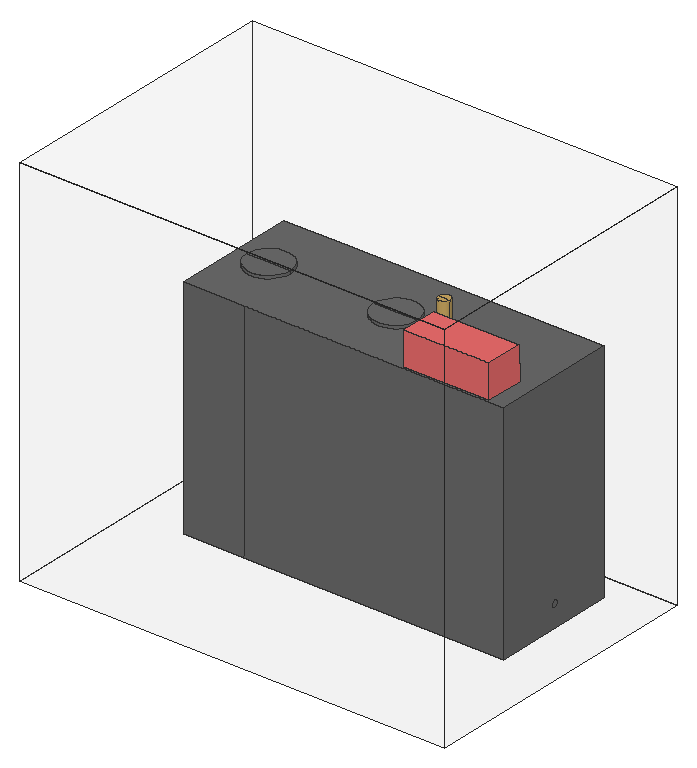
Revit family "Remeha_Gas310EcoPro-430_LOD-3", category Mechanical Equipment, host Face, Revit 2015
Parameters (values of type "Gas 310 Eco Pro - 430")
  Weekly = "0"
  Water Treatment Required = yes
  Water Content = 71.0 L
  Warranty ID = ""
  Voltage = 230 V
  Uniclass2015 = ""
  URL = ""
  Type = "Space heating"
  Turndown Ratio = "4.9:1"
  Supply Phase = 1
  Starting Current = 0 A
  Sound Pressure Level = "56 dBA"
  Shipping Weight = 493.00 kg
  Shape = "Rectangular (Horizontal)"
  Safety Valve Connection Type = "Threaded"
  Safety Valve Connection Size = 40.000 mm
  Responsible Sourcing of Materials = "0"
  Responsible Extraction of Materials = "0"
  Reference Standard = "2009/142 EEC : 92/42/EEC"
  Rated Output = 395000 W
  Rated Criteria = "80/60"
  Quarterly = "0"
  Product Range = "Gas 310 Eco Pro - 430"
  Product Model Number = "90753"
  Product Literature = "https://www.remeha.co.uk/en/Products/Floor-Standing-Range/Gas-310-610-Eco-Pro"
  Primary Fuel = "Gas - NG"
  Overall Width = 716.000 mm
  Overall Length = 1862.000 mm
  Overall Height = 1500.000 mm
  Optional Fuel = "No Optional Fuel"
  Operation and Maintenance Manual = "https://www.remeha.co.uk/en/Products/Floor-Standing-Range/Gas-310-610-Eco-Pro"
  Oil Consumption rate = 0
  Nominal Oil Inlet Pressure = 0.00 bar
  Nominal Gas Inlet Pressure = 0.02 bar
  NOx Emissions = "32 mg/kWh"
  Mounting = "Floor Standing"
  Monthly = "0"
  Model = "Gas 310 Eco Pro - 430"
  Minimum Power Consumption = 6 W
  Minimum Operating Pressure = 0.80 bar
  Minimum Oil Inlet Pressure = 0.00 bar
  Minimum Gas Inlet Pressure = 0.017 bar
  Minimum Flow Rate at 20C temperature differential = 4.72 L/s
  Minimum Flow Rate at 11C temperature differential = 8.59 L/s
  Maximum Power Consumption = 426 W
  Maximum Operating Pressure = 7.00 bar
  Maximum Oil Inlet Pressure = 0.00 bar
  Maximum Gas Inlet Pressure = 0.10 bar
  Material Ingredient Reporting = "0"
  Manufacturer Website = "http://www.remeha.co.uk/"
  Manufacturer = "Remeha Commercial "  # constant formula
  Maintenance Required 8001 to 12000hrs = "0"
  Maintenance Required 601 to 1000hrs = "0"
  Maintenance Required 4001 to 8000hrs = "0"
  Maintenance Required 301 to 600hrs = "0"
  Maintenance Required 2001 to 4000hrs = "0"
  Maintenance Required 1001 to 2000hrs = "0"
  Maintenance Required 0 to 300hrs = "0"
  Location of Manufacturer = "0"
  Life Cycle Analysis = "0"
  Interlocks = yes
  IfcExportType = "NOTDEFINED"  # constant formula
  IfcExportAs = "IfcBoilerType"  # constant formula
  IP Rating = "X1B"
  IK Rating = "0"
  Hydraulic Resistance at 20C temperature differential = 0.12 bar
  Hydraulic Resistance at 11C temperature differential = 0.397 bar
  Heater Operation = "Condensing"
  Heat Exchanger Material = "Aluminium"
  Gross Weight = 504.00 kg
  Green Guide for Specification = "0"
  Gas Consumption rate = "42.5 m3/h"
  Fuse Rating = 10 A
  Full Load Current = 0 A
  Fuel Connection Type = "Threaded"
  Fuel Connection Size = 50.000 mm
  Frequency = 50 Hz
  Flue or Air Intake Classification = "B23, B23P, C33, C53, C63, C83, C93"
  Flue Connection size = 250.000 mm
  Flow and Return Connection Type = "Flanged"
  Flow and Return Connection Size = 80.000 mm
  Finish = "Gloss Grade 70% ISO2813"
  Features = "Remeha's Gas 310 ECO PRO range are compact high efficiency floor standing gas condensing boilers. Ideally suited for single and multiple cascade arrangements for new and refurbishment projects."
  External Material = "Steel"
  Expected Life = "15"
  ErP Seasonal Efficiency = "0 %"
  ErP Rated Efficiency at Part Load = "98.5 %"
  ErP Rated Efficiency at Full Load = "88.4 %"
  ErP Energy Label = "0"
  Environmental Product Declaration = "0"
  Energy Technology List = "https://etl.beis.gov.uk/engetl/fox/live/ETL_PUBLIC_PRODUCT_SEARCH/product?PROD_ID=71167"
  Embodied Carbon = "0"
  Drain Connection Type = "Other"
  Drain Connection Size = 20.000 mm
  Description = ""
  Default Elevation = 0.000 mm  # constant formula
  Daily = "0"
  Control Type = "0 - 10V, Open Therm, Volt free enable, Direct boiler weather compensating control systems available from Remeha as optional extra's."
  Configuration = "Single boiler"
  Condensate Drain Type = "Threaded"
  Condensate Drain Size = 32.000 mm
  Colour = "RAL 2002 Red : RAL 7016 Dark Grey"
  Clearance Box Visibility [instance] = yes
  Classification.Uniclass.Pr.Number [instance] = "Pr_60_60_08_34"
  Classification.Uniclass.Pr.Description [instance] = "Gas fired Condensing Boilers"
  CE Mark = "0063CL3613"
  Burner Control Type = "Modulating"
  Building Regulations Seasonal Efficiency = "96.58 %"
  Bespoke Timeframe = "0"
  BMS Links = yes
  Assembly Code = ""
  Annually = "As Per Attached URL O&M Manual"
  Air Inlet Connection Size = 250.000 mm
  Additional Technical Details = "https://www.remeha.co.uk/en/Products/Floor-Standing-Range/Gas-310-610-Eco-Pro"
  Access Clearance Top = 650.000 mm
  Access Clearance Right = 150.000 mm
  Access Clearance Rear = 300.000 mm
  Access Clearance Left = 800.000 mm
  Access Clearance Front = 800.000 mm
  Access Clearance Bottom = 0.000 mm
  6 Monthly = "0"
Reference planes
  plane 1 "Center (Front/Back)": y = 0
  plane 2: z = 0
  plane 3 "Center (Left/Right)": x = 0
  plane 4: x = -916.5
  plane 5: x = 916.5
  plane 6: y = 358
  plane 7: y = -358
  plane 8: z = 1500
  plane 9: x = -1216.5
  plane 10: x = 1216.5
  plane 11: y = 508
  plane 12: y = -1158
  plane 13: z = 2150
Forms (mm)
  Sweep 1, solid, material "Glass - Clear - Amber", visible <- "Clearance Box Visibility"
    path origin (0, 0, 0) x (1, 0, 0) y (0, 0, 1)
      loop
        line (0, 2150) -> (0, 0)
    profile origin (0, 0, 1075) x (0, -1, 0) y (1, 0, 0)
      loop
        line (-508, -1216.5) -> (1158, -1216.5) -> (1158, 1216.5) -> (-508, 1216.5) -> (-508, -1216.5)
Dimensions and locks
  equal spacing: plane 4, plane 3 "Center (Left/Right)", plane 5
  plane 4 to plane 5 = 1833.000 mm
  equal spacing: plane 7, plane 1 "Center (Front/Back)", plane 6
  plane 7 to plane 6 = 716.000 mm
  plane 8 to level = 1500.000 mm
  plane 9 to plane 4 = 300.000 mm
  plane 5 to plane 10 = 300.000 mm
  plane 11 to plane 6 = 150.000 mm
  plane 12 to plane 7 = 800.000 mm
  plane 13 to plane 8 = 650.000 mm
  nested 1 to level = 1308.201 mm
  equal spacing: plane 6, plane 1 "Center (Front/Back)", plane 7
  aligned and locked: plane 2 to host face
  aligned and locked: level to host face
  aligned and locked: Sweep 1 sketch curve to plane 3 "Center (Left/Right)"
  aligned and locked: plane 13 to Sweep 1 sketch curve
  aligned and locked: level to Sweep 1 sketch curve
  aligned and locked: Sweep 1 sketch curve to plane 11
  aligned and locked: Sweep 1 sketch curve to plane 10
  aligned and locked: plane 9 to Sweep 1 sketch curve
  aligned and locked: Sweep 1 sketch curve to plane 12
  aligned and locked: plane 1 "Center (Front/Back)" to nested 1
  aligned and locked: nested 1 to plane 4
Automatic sketch dimensions
  host sketch curve to host sketch curve = 2438.400 mm  (x2)
Nested families
  nested 1: "Gas 310" at (-154.5, 0, 0), type "Gas 310"
Connectors
  piping at (-918.548, 244.474, 366), diameter 65
    settings: on nested 1, index 3, connector inside diameter 65.000 mm, connector length 0.000 mm, flow factor 0, pipe flow 0 L/s, pressure drop 0.00 bar, fitting loss kfactor 0, connector angle 0.00°, fixture units 0, engagement length 0.000 mm, angle of deflection 0.00°, flow configuration 0, flow direction 2, fitting loss method 0, system type 8, joint type 0, gender type 0, connector reference index -1, connector utility 0, adjustable connector no, is connector primary yes, connector description "Heating Circuit Return"
  piping at (288.352, 0, 1476.07), diameter 65
    settings: on nested 1, index 8, connector inside diameter 65.000 mm, connector length 0.000 mm, flow factor 0, pipe flow 0 L/s, pressure drop 0.00 bar, fitting loss kfactor 0, connector angle 0.00°, fixture units 0, engagement length 0.000 mm, angle of deflection 0.00°, flow configuration 0, flow direction 1, fitting loss method 0, system type 22, joint type 0, gender type 0, connector reference index -1, connector utility 0, adjustable connector no, is connector primary no, connector description "Gas Connection"
  hvac at (9.788, 0, 1308.201)
    settings: on nested 1, index 9, duct flow 0 m³/h, flow factor 0, pres drop 0.00 bar, loss coef 0, conn angle 0.00°, conn width 12", conn height 12", conn diameter 9.84252", duct sys type 1, conn prof type 0, flow config 0, flow direction 1, loss method 0, conn ref index -1, conn util yes, is conn primary yes, conn desc "Air Intake Connection"
  hvac at (-718.5, 0, 1307.297)
    settings: on nested 1, index 10, duct flow 0 m³/h, flow factor 0, pres drop 0.00 bar, loss coef 0, conn angle 0.00°, conn width 12", conn height 12", conn diameter 9.84252", duct sys type 2, conn prof type 0, flow config 0, flow direction 2, loss method 0, conn ref index -1, conn util yes, is conn primary no, conn desc "Flue Gas Connection"
  piping at (-918.548, 244.474, 686), diameter 75
    settings: on nested 1, index 11, connector inside diameter 609.600 mm, connector length 0.000 mm, flow factor 0, pipe flow 0 L/s, pressure drop 0.00 bar, fitting loss kfactor 0, connector angle 0.00°, fixture units 0, engagement length 0.000 mm, angle of deflection 0.00°, flow configuration 0, flow direction 0, fitting loss method 0, system type 8, joint type 0, gender type 0, connector reference index -1, connector utility 0, adjustable connector no, is connector primary no, connector description ""
  electrical at (822.284, -240.815, 1388.248)
    settings: on nested 1, index 12, voltage 230 V, apparent load 24 VA, apparent load phase1 0 VA, apparent load phase2 0 VA, apparent load phase3 0 VA, power factor 1, load classification "Power", number of poles 1, system type 30, power factor state 1, is connector primary yes, connector utility yes, sub classification motor yes, connector description "Power"
  piping at (917.294, 0, 128.93), diameter 32
    settings: on nested 1, index 13, connector inside diameter 609.600 mm, connector length 0.000 mm, flow factor 0, pipe flow 0 L/s, pressure drop 0.00 bar, fitting loss kfactor 0, connector angle 0.00°, fixture units 0, engagement length 0.000 mm, angle of deflection 0.00°, flow configuration 0, flow direction 2, fitting loss method 0, system type 16, joint type 0, gender type 0, connector reference index -1, connector utility 1, adjustable connector no, is connector primary no, connector description "Condensates Discharge"
  piping at (-918.548, 244.474, 1023), diameter 80
    settings: on nested 1, index 14, connector inside diameter 609.600 mm, connector length 0.000 mm, flow factor 0, pipe flow 0 L/s, pressure drop 0.00 bar, fitting loss kfactor 0, connector angle 0.00°, fixture units 0, engagement length 0.000 mm, angle of deflection 0.00°, flow configuration 0, flow direction 1, fitting loss method 0, system type 7, joint type 0, gender type 0, connector reference index -1, connector utility 1, adjustable connector no, is connector primary no, connector description "Flow Connection"
Definition of nested family "Gas 310"
  Parameters
    Width A = 1833.000 mm
    Unit = none
    Top Clearance = 400.000 mm  # constant formula
    Text Material = none
    Second Return Pipe Connection_Optional = yes
    Second Return Pipe Connection Visibility = yes
    Return Pipe = 31.750 mm
    Return Connection = none
    Pipe Size = 31.750 mm
    Pipe Material = none
    Side Clearance = 100.000 mm  # constant formula
    Logo = none
    L = 1490.000 mm
    Height = 1500.000 mm  # constant formula
    Handle Offset = (Width A / 2) - 100.000 mm  # 816.500 mm
    Gas Pipe = 31.750 mm
    Gas Connection Pipe = none
    Front Clearance = 700.000 mm  # constant formula
    Door Panel = none
    Depth = 716.000 mm  # constant formula
    Default Elevation = 0.000 mm
    C = 1862.000 mm
    Back Clearnce Note = "300mm refers to singular boiler installations, 600mm refers to modular boiler applications"  # constant formula
    Back Clearnce = 0.000 mm
    B = Width A - 198.000 mm  # 1635.000 mm
    Assembly Code = ""
  Reference planes
    plane 1 "Center (Front/Back)": y = 0
    plane 2: z = 0
    plane 3 "Center (Left/Right)": x = 0
    plane 4: z = 1500
    plane 5: x = 1071
    plane 6: x = -762
    plane 7: y = 358
    plane 8: y = -358
    plane 9: z = 1023
    plane 10: z = 686
    plane 11: z = 366
    plane 12: x = 1081.499
    plane 13: x = -857.948
    plane 14: y = 244.474
    plane 15: z = 447
    plane 16: z = 686
    plane 17: x = -721.476
    plane 18: x = -282.886
    plane 19: x = 385.059
    plane 20: y = -233.136
    plane 21: y = 242.974
    plane 22: x = 813.64
    plane 23: z = 1192.297
    plane 24: x = 717.992
    plane 25: z = 128.93
  Forms (mm)
    Extrusion 1, solid, material <- "Door Panel"
      sketch origin (0, 0, 0) x (1, 0, 0) y (0, 1, 0)
        loop
          line (-419, 358) -> (-762, 358) -> (-762, -358) -> (-419, -358) -> (1071, -358) -> (1071, 358) -> (-419, 358)
      from 0 to 1292.297
    Revolve 2, solid, material <- "Door Panel"
      sketch origin (0, 0, 0) x (1, 0, 0) y (0, 0, 1)
        loop
          line (164.288, 1308.201) -> (39.288, 1308.201) -> (39.288, 1292.297) -> (164.288, 1292.297) -> (164.288, 1308.201)
        axis (164.288, 1292.297) -> (164.288, 1308.201)
      angle from 0 to 360
    Extrusion 3, solid, material <- "Pipe Material"
      sketch origin (0, 0, 0) x (0, -1, 0) y (0, 0, -1)
        loop
          line (130.701, -1292.297) -> (137.402, -1484.199) -> (347.579, -1484.199) -> (347.579, -1292.297) -> (130.701, -1292.297)
      from 489.053 to 976.784
    Revolve 4, solid, material <- "Gas Connection Pipe"
      sketch origin (0, 0, 0) x (1, 0, 0) y (0, 0, 1)
        loop
          line (442.852, 1292.297) -> (442.852, 1476.07) -> (410.352, 1476.07) -> (410.352, 1292.297) -> (442.852, 1292.297)
        axis (442.852, 1476.07) -> (442.852, 1292.297)
      angle from 0 to 360
    Revolve 5, solid, material <- "Pipe Material"
      sketch origin (0, 244.474, 1121.658) x (0, 0, 1) y (-1, 0, 0)
        loop
          line (-138.658, 762) -> (-98.658, 762) -> (-98.658, 764.048) -> (-138.658, 764.048) -> (-138.658, 762)
        axis (-98.658, 764.048) -> (-98.658, 762)
      angle from 0 to 360
    Revolve 6, solid, material <- "Return Connection"
      sketch origin (0, 244.474, 784.658) x (0, 0, 1) y (-1, 0, 0)
        loop
          line (-451.158, 764.048) -> (-451.158, 762) -> (-418.658, 762) -> (-418.658, 764.048) -> (-451.158, 764.048)
        axis (-418.658, 764.048) -> (-418.658, 762)
      angle from 0 to 360
    Sweep 7, solid, material <- "Pipe Material"
      path origin (0, 244.474, 1121.658) x (0, 0, 1) y (-1, 0, 0)
        loop
          line (-435.658, 764.048) -> (-435.658, 762)
      profile origin (-763.024, 244.474, 686) x (0, 0, 1) y (0, -1, 0)
        loop
          circle (0, 0) r 37.5
    Extrusion 8, solid, material <- "Door Panel"
      sketch origin (0, 0, 0) x (0, 1, 0) y (0, 0, 1)
        loop
          circle (0, 128.93) r 16
      from 1071 to 1071.794
  Cuts and joins
    joined: Extrusion 1, Revolve 2, Extrusion 8
    joined: Extrusion 3, Revolve 5, Sweep 7
  Dimensions and locks
    "Height": plane 4 to level
    "Width A": plane 6 to plane 5
    equal spacing: plane 7, plane 1 "Center (Front/Back)", plane 8
    "Depth": plane 7 to plane 8
    locked: plane 9 to level at 1023
    locked: plane 10 to level at 686
    locked: plane 11 to level at 366
    plane 10 to plane 11 = 320.000 mm
    locked: plane 7 to plane 14 at 113.526
    "B": nested 1 to plane 5
    locked: plane 15 to level at 447
    "L": Extrusion 1 sketch curve to plane 5  (x2)
    locked: plane 11 to plane 16 at 320
    plane 11 to level = 366.000 mm
    locked: plane 6 to plane 18 at 479.114
    locked: plane 5 to plane 19 at 685.941
    locked: plane 14 to plane 21 at 1.5
    locked: plane 20 to plane 8 at 124.864
    locked: plane 5 to plane 22 at 257.36
    locked: plane 5 to plane 24 at 353.008
    plane 6 to plane 3 "Center (Left/Right)" to plane 5 = 762.000 mm, 1071.000 mm
    plane 25 to level = 128.930 mm
    radius of Extrusion 8 sketch curve = 16.000 mm
    aligned and locked: plane 2 to level
    aligned and locked: plane 1 "Center (Front/Back)" to nested 1
    aligned: cut or joined group of Extrusion 3, Revolve 5, Sweep 7 to cut or joined group of Extrusion 3, Revolve 5, Sweep 7
    aligned and locked: Extrusion 1 sketch curve to plane 6
    aligned and locked: Revolve 5 sketch curve to plane 9
    aligned and locked: Revolve 6 sketch curve to plane 11
    aligned and locked: Sweep 7 sketch curve to plane 16
    aligned and locked: Extrusion 1 to level
    aligned and locked: Extrusion 8 to plane 5
    aligned and locked: Extrusion 1 sketch curve to plane 7
    aligned and locked: Revolve 6 sketch curve to cut or joined group of Extrusion 3, Revolve 5, Sweep 7
    aligned and locked: cut or joined group of Extrusion 1, Revolve 2, Extrusion 8 to Revolve 6 sketch curve
    aligned and locked: Revolve 5 sketch curve to plane 6
    aligned and locked: cut or joined group of Extrusion 1, Revolve 2, Extrusion 8 to nested 1
  Automatic sketch dimensions
    plane 3 "Center (Left/Right)" to Revolve 2 sketch curve = 39.288 mm
    Revolve 2 sketch curve to Revolve 2 sketch curve = 125.000 mm
    plane 23 to Revolve 2 sketch curve = 100.000 mm
    Revolve 2 sketch curve to Revolve 2 sketch curve = 15.903 mm
    Revolve 2 sketch curve to Revolve 2 sketch curve = 0.000 mm
    Revolve 2 sketch curve to Revolve 2 sketch curve = 7.571 mm
    Revolve 2 sketch curve to Revolve 2 sketch curve = 21.668 mm
    Extrusion 3 sketch curve to plane 20 = 95.734 mm
    Extrusion 3 sketch curve to plane 8 = 10.421 mm
    Extrusion 3 sketch curve to plane 4 = 15.801 mm
    plane 23 to Extrusion 3 sketch curve = 100.000 mm
    plane 19 to Revolve 4 sketch curve = 25.293 mm
    Revolve 4 sketch curve to Revolve 4 sketch curve = 32.500 mm
    plane 23 to Revolve 4 sketch curve = 100.000 mm
    Revolve 4 sketch curve to plane 4 = 23.930 mm
    Revolve 4 sketch curve to Revolve 4 sketch curve = 0.000 mm  (x3)
    Revolve 6 sketch curve to plane 11 = 0.000 mm
    plane 11 to Revolve 6 sketch curve = 32.500 mm
    plane 6 to Revolve 6 sketch curve = 21.000 mm
    plane 13 to Revolve 6 sketch curve = 10.948 mm
    Sweep 7 sketch curve to plane 14 = 0.000 mm
    profile plane to Sweep 7 sketch curve = 0.000 mm
    Extrusion 3 sketch curve to plane 20 = 102.436 mm
    Extrusion 8 sketch curve to plane 1 "Center (Front/Back)" = 0.000 mm
    Extrusion 8 sketch curve to plane 25 = 0.000 mm
    Revolve 5 sketch curve to plane 9 = 0.000 mm
    plane 9 to Revolve 5 sketch curve = 40.000 mm
    plane 13 to Revolve 5 sketch curve = 10.948 mm
    plane 6 to Revolve 5 sketch curve = 21.000 mm
    plane 6 to Sweep 7 sketch curve = 2.048 mm
    plane 6 to Sweep 7 sketch curve = 0.000 mm
    plane 6 to Revolve 5 sketch curve = 2.048 mm
    plane 8 to Extrusion 1 sketch curve = 0.000 mm  (x2)
    Extrusion 1 sketch curve to plane 5 = 0.000 mm
    Extrusion 1 sketch curve to Extrusion 1 sketch curve = 0.000 mm
    radius of Sweep 7 sketch curve = 37.500 mm
  Nested families
    nested 1: "Flue Gas Discharge Pipe" at (-564, 0, 1292.297), type "Flue Gas Discharge Pipe"
  Definition of nested family "Flue Gas Discharge Pipe"
    Parameters
      Unit = none
      Assembly Code = ""
    Reference planes
      plane 1 "Center (Front/Back)": y = 0
      plane 2: z = 0
      plane 3 "Center (Left/Right)": x = 0
    Forms (mm)
      Revolve 1, solid, material <- "Unit"
        sketch origin (-164.288, 0, -1184.172) x (1, 0, 0) y (0, 0, 1)
          loop
            line (39.579, 1199.172) -> (39.448, 1184.172) -> (164.288, 1184.172) -> (164.288, 1199.172) -> (39.579, 1199.172)
          axis (164.288, 1184.172) -> (164.288, 1199.172)
        angle from 0 to 360
    Dimensions and locks
      aligned and locked: level to plane 2
      aligned and locked: Revolve 1 sketch curve to plane 3 "Center (Left/Right)"
      aligned and locked: level to Revolve 1 sketch curve
